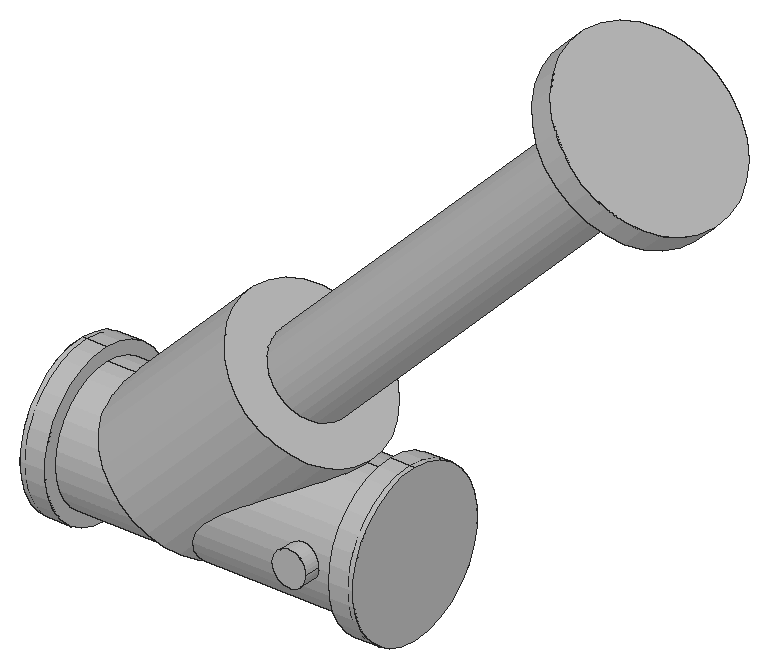
Revit family "Kemper - 1602G08000", category Rohrzubehör, Revit 2019
Family settings
  Bemaßung runder Anschluss = Durchmesser verwenden
  Teiletyp = Ventil - Zerlegung in
  OmniClass-Nummer = 23.65.55.14
  OmniClass-Titel = Valves for Liquid Services
  Arbeitsebenenbasiert = Nein
  Immer vertikal = Ja
  Beim Laden mit Abzugskörper schneiden = Nein
  Gemeinsam genutzt = Nein
Parameters (values of type "DN 80")
  valvetype = "Rückflussverhinderer"  # constant formula
  typedescription = "Safety valves, 160 2G, combined stop and antipollution check valve, with plugged drain port, union thread"  # constant formula
  type of connection = "male thread"  # constant formula
  type = "Sicherungsarmatur"  # constant formula
  sound insulation class = ""  # constant formula
  productgroup = "Safety valves"  # constant formula
  productclassification = ""  # constant formula
  perm. operating pressure Bar = 16  # constant formula
  perm. operating Temperature °C = 100  # constant formula
  max. differential pressure = 1000  # constant formula
  kVs-Value = 130  # constant formula
  design = "pass"  # constant formula
  collision width = 120 mm  # constant formula
  collision volume = "408.999972895467 x 120.000000000004 x 392.164972895467"  # constant formula
  collision length = 409 mm  # constant formula
  collision height = 392.165 mm  # constant formula
  _created with version = "0.0.0.0"  # constant formula
  _created by (URL) = "www.dendrit.de"
  _created by = "Dendrit Generation"  # constant formula
  WarrantyStartDate [instance] = ""  # constant formula
  WarrantyGuantorParts = ""  # constant formula
  WarrantyGuantorLabour = ""  # constant formula
  WarrantyDurationUnit = "Years"  # constant formula
  WarrantyDurationParts = ""  # constant formula
  WarrantyDurationLabour = ""  # constant formula
  WarrantyDescription = ""  # constant formula
  URL = ""
  Tmin, Control °C = 0  # constant formula
  Tmax, Control °C = 0  # constant formula
  Surface = ""  # constant formula
  Stlb-Number = ""  # constant formula
  SpareParts = ""  # constant formula
  Size DN = 80  # constant formula
  Size = ""  # constant formula
  Shape = "Valve"  # constant formula
  SerialNumber [instance] = ""  # constant formula
  ReplacementCost = ""  # constant formula
  ReferencedStandard = ""  # constant formula
  ProductionYear = ""  # constant formula
  Modelnumber = "1602G08000"  # constant formula
  Model = "160 2G, combined stop and antipollution check valve, with plugged drain port, union thread"  # constant formula
  Material = "gunmetal"  # constant formula
  Manufacturer = "Kemper"  # constant formula
  InstallationDate [instance] = ""  # constant formula
  Grade = ""  # constant formula
  Generation ID = "Kemper - 1602G08000"  # constant formula
  GTIN-Number = ""  # constant formula
  Flow = 0  # constant formula
  Finish = ""  # constant formula
  Features = ""  # constant formula
  ExpectedLife = ""  # constant formula
  DurationUnit = "Years"  # constant formula
  DocumentationTechnical = ""  # constant formula
  DocumentationLiterature = ""  # constant formula
  DocumentationInstallationGuide = ""  # constant formula
  DocumentationCertificates = ""  # constant formula
  Datanorm = "1602G08000"  # constant formula
  CreatedOn = "www.dendrit.de"
  CreatedBy = "Dendrit Generation"  # constant formula
  Cost = ""  # constant formula
  Consistuents = ""  # constant formula
  Color = ""  # constant formula
  CodePerformance = ""  # constant formula
  BarCode [instance] = ""  # constant formula
  AssetType = "Fixed"  # constant formula
  AssetIdentifier [instance] = ""  # constant formula
  AccessibilityPerformance = ""  # constant formula
Reference planes
  plane 1 "Mitte (Vorne/Hinten)": y = 0
  plane 2: z = 0
  plane 3 "Mitte (Links/Rechts)": x = 0
Forms (mm)
  Extrusion 1, solid, material "Generation_172172172000"
    sketch origin (-91.75, 0, 0) x (0, 0, -1) y (0, 1, 0)
      loop
        circle (0, 0) r 42
    from 0 to 183.5
  Extrusion 2, solid, material "Generation_172172172000"
    sketch origin (91.75, 0, 0) x (0, 0, -1) y (0, 1, 0)
      loop
        circle (0, 0) r 50.165
    from 0 to 15.75
  Extrusion 3, solid, material "Generation_172172172000"
    sketch origin (-91.75, 0, 0) x (0, 0, -1) y (0, -1, 0)
      loop
        circle (0, 0) r 50.165
    from 0 to 15.75
  Extrusion 4, solid, material "Generation_172172172000"
    sketch origin (-40.5, 0, 0) x (0.707107, 0, -0.707107) y (0, 1, 0)
      loop
        circle (0, 0) r 53
    from 0 to 115
  Extrusion 5, solid, material "Generation_172172172000"
    sketch origin (40.817, 0, 81.317) x (0.707107, 0, -0.707107) y (0, 1, 0)
      loop
        circle (0, 0) r 27.5
    from 0 to 291.661
  Extrusion 6, solid, material "Generation_172172172000"
    sketch origin (247.053, 0, 287.553) x (0.707107, 0, -0.707107) y (0, 1, 0)
      loop
        circle (0, 0) r 60
    from 0 to 17
  Extrusion 7, solid, material "Generation_172172172000"
    sketch origin (-47.5, 0, 0) x (0, -1, 0) y (-1, 0, 0)
      loop
        circle (0, 0) r 9
    from 0 to 43.6
  Extrusion 8, solid, material "Generation_172172172000"
    sketch origin (67.5, -51.5, 0) x (1, 0, 0) y (0, 0, -1)
      loop
        circle (0, 0) r 11
    from 0 to 103
  Extrusion 9, solid, material "Generation_Connector"
    sketch origin (-104.452, 0, 0) x (0, 0, -1) y (0, -1, 0)
      loop
        circle (0, 0) r 50
    from 0 to 3.048
  Extrusion 10, solid, material "Generation_Connector"
    sketch origin (104.452, 0, 0) x (0, 0, -1) y (0, 1, 0)
      loop
        circle (0, 0) r 50
    from 0 to 3.048
Dimensions and locks
  aligned and locked: level to plane 2
Connectors
  piping at (-107.5, 0, 0), diameter 100
    settings: on Extrusion 9, index 1, connector inside diameter 609.6 mm, connector length 0 mm, flow factor 0, pipe flow 0.0 L/s, pressure drop 0.0 Pa, fitting loss kfactor 0, connector angle 0.00°, fixture units 0, engagement length 0 mm, angle of deflection 0.00°, flow configuration 0, flow direction 0, fitting loss method 0, system type 29, joint type 0, gender type 0, connector reference index -1, connector utility 0, adjustable connector no, is connector primary yes, connector description ""
  piping at (107.5, 0, 0), diameter 100
    settings: on Extrusion 10, index 2, connector inside diameter 609.6 mm, connector length 0 mm, flow factor 0, pipe flow 0.0 L/s, pressure drop 0.0 Pa, fitting loss kfactor 0, connector angle 0.00°, fixture units 0, engagement length 0 mm, angle of deflection 0.00°, flow configuration 0, flow direction 0, fitting loss method 0, system type 29, joint type 0, gender type 0, connector reference index -1, connector utility 0, adjustable connector no, is connector primary no, connector description ""
